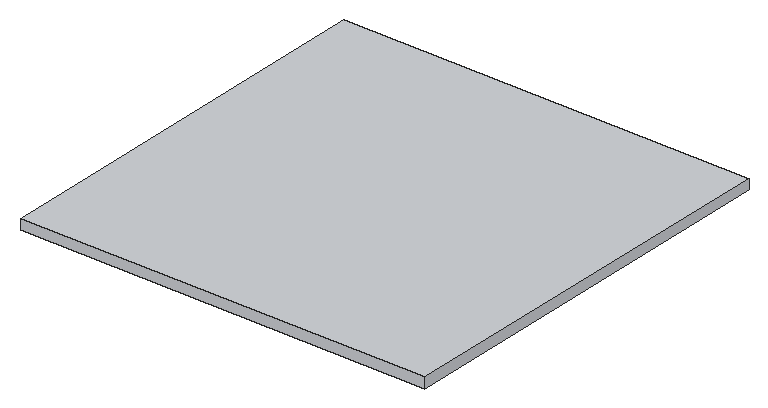
Revit family "71250300", category Aparatos sanitarios, Revit 2017
Family settings
  Anfitrión = Cara
  Cota de conector redondo = Diámetro de uso
  Tipo de pieza = Normal
  Número OmniClass = 23.45.55.14
  Título OmniClass = Single Faucets
  Corte con vacíos al cargar = No
  Compartido = No
  Punto de cálculo de habitación = No
Parameters (values of type "71250300")
  URL = "http://www.griferiasgalindo.com"
  Teléfono = "(+34) 915 782 575"
  TIPO DE AGUA = "Fria/Caliente"
  REFERENCIA = "71250300"
  Presión Máxima = "8 bar"
  PESO BRUTO = "7 Kg."
  Modelo = "Columna ducha mezcladora ALBOS"
  Material = LATON CROMADO
  Imagen de tipo = <Ninguno>
  Fabricante = "PRESTO IBÉRICA"
  Default Elevation = 1219.2 mm
  ENTRADA = "Hembra 3/4\""
  Descripción = "Grupo ducha mezcladora con columna, rociador y accesorios ducha"
  Código de montaje = "C1030220"
  Contacto = "info@prestoiberica.com"
  Conexión AF = yes
  Conexión AC = yes
  Comentarios de tipo = "Suministrado con excéntricas 1/2\" a 3/4\", flexo, soporte a pared y maneral. Cartucho sellado con discos cerámicos de diámetro 35 mm. Rodiador en ABS cromado de 225 mm. Barra soporte rociador regulable."
  CIERRE = "Manual"
  CAUDAL = "30 l/min"
  Accionamiento = "Mediante maneta"
Reference planes
  plane 1 "Centro (Frontal/Posterior)": y = 0
  plane 2: z = 0
  plane 3 "Centro (Izquierda/Derecha)": x = 0
Forms (mm)
  Extrusion 1, solid
    sketch origin (0, 0, 0) x (1, 0, 0) y (0, 1, 0)
      loop
        line (-100, 100) -> (-100, -100) -> (100, -100) -> (100, 100) -> (-100, 100)
    from 0 to -5
Dimensions and locks
  Extrusion 1 sketch curve to plane 1 "Centro (Frontal/Posterior)" = 100 mm
  aligned and locked: plane 2 to Extrusion 1
  aligned and locked: level to Extrusion 1
  aligned and locked: import instance to level
Connectors
  piping at (-85.65, -21.26, 0), diameter 19.1
    settings: on import instance, index 1, connector inside diameter 609.6 mm, connector length 0 mm, flow factor 0, pipe flow 0.0 L/s, pressure drop 0.0 Pa, fitting loss kfactor 0, connector angle 0.00°, fixture units 0, engagement length 0 mm, angle of deflection 0.00°, flow configuration 0, flow direction 1, fitting loss method 0, system type 19, joint type 0, gender type 0, connector reference index -1, connector utility 0, adjustable connector no, is connector primary yes, connector description ""
  piping at (64.35, -21.26, 0), diameter 19.1
    settings: on import instance, index 2, connector inside diameter 609.6 mm, connector length 0 mm, flow factor 0, pipe flow 0.0 L/s, pressure drop 0.0 Pa, fitting loss kfactor 0, connector angle 0.00°, fixture units 0, engagement length 0 mm, angle of deflection 0.00°, flow configuration 0, flow direction 1, fitting loss method 0, system type 20, joint type 0, gender type 0, connector reference index -1, connector utility 0, adjustable connector no, is connector primary no, connector description ""
